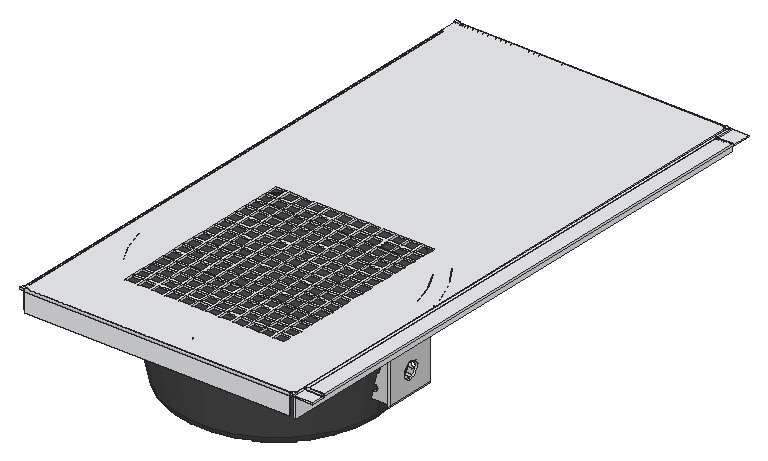
Revit family "DT12", category Communication Devices, host Face, Revit 2014 (continued)
Definition of nested family "ATLAS SOUND_DT12"
  Automatic sketch dimensions
    Extrusion 4 sketch curve to plane 10 = 0.00"
    Extrusion 4 sketch curve to plane 19 = 0.00"
    Extrusion 4 sketch curve to plane 20 = 0.00"
    Extrusion 5 sketch curve to plane 19 = 0.00"
    Extrusion 5 sketch curve to plane 6 = 0.00"
    Extrusion 5 sketch curve to plane 11 = 0.20"
    plane 20 to Extrusion 5 sketch curve = 0.15"
    Extrusion 6 sketch curve to plane 13 = 0.00"
    plane 20 to Extrusion 6 sketch curve = 0.15"
    Extrusion 6 sketch curve to plane 11 = 0.20"
    Extrusion 6 sketch curve to plane 13 = 0.05"
    Extrusion 7 sketch curve to plane 8 = 0.00"
    Extrusion 7 sketch curve to plane 6 = 0.00"
    Extrusion 7 sketch curve to plane 13 = 0.00"
    Extrusion 7 sketch curve to plane 13 = 0.05"
    Extrusion 7 sketch curve to Extrusion 7 sketch curve = 0.034"
    Extrusion 7 sketch curve to plane 6 = 0.0087"
    Extrusion 7 sketch curve to Extrusion 7 sketch curve = 0.04006"
    Extrusion 8 sketch curve to plane 6 = 0.00"
    Extrusion 8 sketch curve to plane 12 = 0.00"
    Extrusion 8 sketch curve to plane 22 = 0.00"  (x2)
    Extrusion 8 sketch curve to plane 8 = 0.00"
    Extrusion 8 sketch curve to plane 6 = 0.01181"
    Extrusion 8 sketch curve to Extrusion 8 sketch curve = 0.03329"
    Extrusion 9 sketch curve to plane 8 = 0.00"
    Extrusion 9 sketch curve to plane 6 = 0.00"
    Extrusion 9 sketch curve to plane 11 = 0.00"
    Extrusion 9 sketch curve to plane 11 = 0.05"
    Extrusion 9 sketch curve to Extrusion 9 sketch curve = 0.00"
    Extrusion 9 sketch curve to plane 6 = 0.01362"
    Extrusion 9 sketch curve to Extrusion 9 sketch curve = 0.02936"
    Extrusion 10 sketch curve to plane 6 = 0.00"
    Extrusion 10 sketch curve to plane 10 = 0.00"
    Extrusion 10 sketch curve to plane 20 = 0.00"  (x2)
    Extrusion 10 sketch curve to plane 8 = 0.00"
    Extrusion 10 sketch curve to plane 6 = 0.0146"
    Extrusion 10 sketch curve to Extrusion 10 sketch curve = 0.02724"
    Extrusion 11 sketch curve to plane 12 = 0.00"
    Extrusion 11 sketch curve to plane 6 = 0.00"
    Extrusion 11 sketch curve to plane 24 = 0.00"
    Extrusion 11 sketch curve to plane 13 = 0.00"
    Extrusion 11 sketch curve to plane 19 = 0.00"
    plane 22 to Extrusion 11 sketch curve = 0.61769"
    Extrusion 11 sketch curve to Extrusion 11 sketch curve = 0.23203"
    plane 6 to Extrusion 11 sketch curve = 0.32717"
    plane 4 to Extrusion 11 sketch curve = 3.60559"
    Extrusion 11 sketch curve to plane 24 = 0.24087"
    Extrusion 11 sketch curve to Extrusion 11 sketch curve = 0.04566"
    plane 6 to Extrusion 11 sketch curve = 0.37337"
    plane 6 to Extrusion 11 sketch curve = 0.35688"
    plane 8 to Extrusion 11 sketch curve = 0.00"
    Extrusion 11 sketch curve to plane 8 = 0.0746"
    Extrusion 11 sketch curve to Extrusion 11 sketch curve = 0.00"
    Extrusion 12 sketch curve to plane 19 = 0.00"
    Extrusion 12 sketch curve to plane 6 = 0.00"
    Extrusion 12 sketch curve to plane 13 = 0.00"
    Extrusion 12 sketch curve to plane 24 = 0.24087"
    plane 6 to Extrusion 12 sketch curve = 0.32723"
    plane 4 to Extrusion 12 sketch curve = 3.60559"
    plane 6 to Extrusion 12 sketch curve = 0.35666"
    plane 22 to Extrusion 12 sketch curve = 0.84973"
    plane 22 to Extrusion 12 sketch curve = 0.15"
    plane 6 to Extrusion 12 sketch curve = 0.37357"
    Extrusion 13 sketch curve to plane 25 = 0.00"
    Extrusion 13 sketch curve to plane 14 = 0.00"
    Extrusion 13 sketch curve to plane 8 = 0.00"
    plane 23 to Extrusion 13 sketch curve = 0.02866"
    Extrusion 14 sketch curve to plane 24 = 0.00"
    Extrusion 14 sketch curve to plane 24 = 0.04564"
    plane 24 to Extrusion 14 sketch curve = 0.01142"
    plane 8 to Extrusion 14 sketch curve = 0.00"
    Extrusion 14 sketch curve to plane 8 = 0.04595"
    Extrusion 15 sketch curve to plane 24 = 0.00"
    Extrusion 15 sketch curve to Extrusion 15 sketch curve = 0.04566"
    Extrusion 15 sketch curve to Extrusion 15 sketch curve = 0.00501"
    Extrusion 15 sketch curve to plane 8 = 0.03277"
    Extrusion 15 sketch curve to plane 8 = 0.04764"
    Extrusion 16 sketch curve to plane 8 = 0.00"
    Extrusion 16 sketch curve to plane 8 = 0.08534"
    plane 22 to Extrusion 16 sketch curve = 0.61769"
    Extrusion 16 sketch curve to plane 24 = 0.04566"
    Extrusion 17 sketch curve to plane 8 = 0.02567"
    plane 22 to Extrusion 17 sketch curve = 0.53165"
    Extrusion 17 sketch curve to Extrusion 17 sketch curve = 0.08605"
    Extrusion 17 sketch curve to plane 6 = 0.00003"
    Extrusion 18 sketch curve to plane 8 = 0.02665"
    plane 22 to Extrusion 18 sketch curve = 0.53165"
    Extrusion 18 sketch curve to plane 8 = 0.00524"
    Extrusion 18 sketch curve to Extrusion 18 sketch curve = 0.07765"
    Extrusion 18 sketch curve to Extrusion 18 sketch curve = 0.0084"
    Extrusion 19 sketch curve to plane 12 = 0.00"
    Extrusion 19 sketch curve to plane 6 = 0.00"
    Extrusion 19 sketch curve to plane 8 = 0.02567"
    plane 22 to Extrusion 19 sketch curve = 0.53165"
    plane 1 "Center (Front/Back)" to Extrusion 20 sketch curve = 0.36588"
    plane 3 "Center (Left/Right)" to Extrusion 20 sketch curve = 1.12263"
    Extrusion 20 sketch curve to plane 1 "Center (Front/Back)" = 0.92678"
    Extrusion 20 sketch curve to plane 11 = 2.17821"
    plane 19 to Extrusion 20 sketch curve = 0.54466"
    Extrusion 20 sketch curve to plane 1 "Center (Front/Back)" = 0.47136"
    Extrusion 20 sketch curve to Extrusion 20 sketch curve = 0.89142"
    plane 1 "Center (Front/Back)" to Extrusion 20 sketch curve = 0.31742"
    Extrusion 20 sketch curve to Extrusion 20 sketch curve = 0.00"
    Extrusion 20 sketch curve to plane 11 = 0.66553"
    level to Extrusion 21 sketch curve = 0.49175"
    plane 3 "Center (Left/Right)" to Extrusion 21 sketch curve = 1.71417"
    Extrusion 21 sketch curve to level = 0.58324"
    Extrusion 21 sketch curve to plane 11 = 2.16553"
    Extrusion 21 sketch curve to plane 7 = 0.68327"
    level to Extrusion 21 sketch curve = 0.19986"
    Extrusion 21 sketch curve to Extrusion 21 sketch curve = 0.84056"
    Extrusion 21 sketch curve to Extrusion 21 sketch curve = 0.00"
    Extrusion 21 sketch curve to plane 11 = 0.66553"
    Extrusion 21 sketch curve to Extrusion 21 sketch curve = 0.48368"
    Extrusion 22 sketch curve to plane 1 "Center (Front/Back)" = 0.47136"
    Extrusion 22 sketch curve to plane 11 = 1.28858"
    plane 1 "Center (Front/Back)" to Extrusion 22 sketch curve = 0.31742"
    Extrusion 22 sketch curve to Extrusion 22 sketch curve = 0.00"
    Extrusion 22 sketch curve to plane 11 = 0.66553"
    plane 19 to Extrusion 22 sketch curve = 0.54466"
    Extrusion 22 sketch curve to Extrusion 22 sketch curve = 0.45542"
    Extrusion 22 sketch curve to Extrusion 22 sketch curve = 0.64331"
    Extrusion 22 sketch curve to Extrusion 22 sketch curve = 0.88963"
    plane 1 "Center (Front/Back)" to Extrusion 22 sketch curve = 0.36588"
    level to Extrusion 23 sketch curve = 0.49175"
    plane 3 "Center (Left/Right)" to Extrusion 23 sketch curve = 1.81976"
    Extrusion 23 sketch curve to plane 7 = 0.68327"
    Extrusion 23 sketch curve to plane 11 = 2.17821"
    Extrusion 23 sketch curve to level = 0.58324"
    Extrusion 23 sketch curve to Extrusion 23 sketch curve = 1.29609"
    level to Extrusion 23 sketch curve = 0.1706"
    Extrusion 23 sketch curve to Extrusion 23 sketch curve = 0.10413"
    Extrusion 23 sketch curve to plane 11 = 0.66553"
    Extrusion 23 sketch curve to Extrusion 23 sketch curve = 0.48483"
    plane 19 to Blend 24 sketch curve = 0.53808"
    Blend 24 sketch curve to plane 1 "Center (Front/Back)" = 0.94812"
    Blend 24 sketch curve to level = 0.57979"
    Blend 24 sketch curve to plane 7 = 0.68672"
    plane 19 to Blend 24 sketch curve = 0.45091"
    Blend 24 sketch curve to plane 1 "Center (Front/Back)" = 1.0438"
    Blend 24 sketch curve to level = 0.65189"
    Blend 24 sketch curve to plane 7 = 0.58952"
    Extrusion 25 sketch curve to plane 1 "Center (Front/Back)" = 0.00"
    plane 1 "Center (Front/Back)" to Extrusion 25 sketch curve = 0.64677"
    Extrusion 25 sketch curve to Extrusion 25 sketch curve = 0.00328"  (x2)
    Extrusion 25 sketch curve to Extrusion 25 sketch curve = 0.03082"  (x4)
    Extrusion 25 sketch curve to Extrusion 25 sketch curve = 0.0341"  (x4)
    Extrusion 25 sketch curve to plane 1 "Center (Front/Back)" = 0.64677"
    level to Extrusion 25 sketch curve = 0.39312"  (x2)
    Extrusion 25 sketch curve to Extrusion 25 sketch curve = 0.0159"  (x3)
    Extrusion 25 sketch curve to Extrusion 25 sketch curve = 0.02158"  (x3)
    Extrusion 25 sketch curve to Extrusion 25 sketch curve = 0.03748"  (x4)
    level to Extrusion 25 sketch curve = 0.48635"
    radius of Extrusion 2 sketch curve = 0.25"  (x6)
    radius of Extrusion 2 sketch curve = 0.14979"
    radius of Extrusion 2 sketch curve = 0.15103"
    radius of Extrusion 2 sketch curve = 0.16737"
    radius of Extrusion 2 sketch curve = 0.15398"
    radius of Extrusion 2 sketch curve = 0.09703"
    radius of Extrusion 2 sketch curve = 0.10063"
    radius of Extrusion 2 sketch curve = 0.1035"
    radius of Extrusion 2 sketch curve = 0.10978"
    radius of Extrusion 2 sketch curve = 0.11473"
    radius of Extrusion 2 sketch curve = 0.07271"
    radius of Extrusion 2 sketch curve = 0.11549"
    radius of Extrusion 2 sketch curve = 0.1882"
    radius of Extrusion 11 sketch curve = 0.25"  (x3)
    radius of Extrusion 12 sketch curve = 0.25"  (x3)
    radius of Extrusion 20 sketch curve = 0.16134"
    radius of Extrusion 20 sketch curve = 0.25"
    radius of Extrusion 21 sketch curve = 0.17564"
    radius of Extrusion 21 sketch curve = 0.25"
    radius of Extrusion 22 sketch curve = 0.16134"
    radius of Extrusion 22 sketch curve = 0.25"
    radius of Extrusion 23 sketch curve = 0.17262"
    radius of Extrusion 23 sketch curve = 0.25943"
    radius of Extrusion 25 sketch curve = 0.38113"
